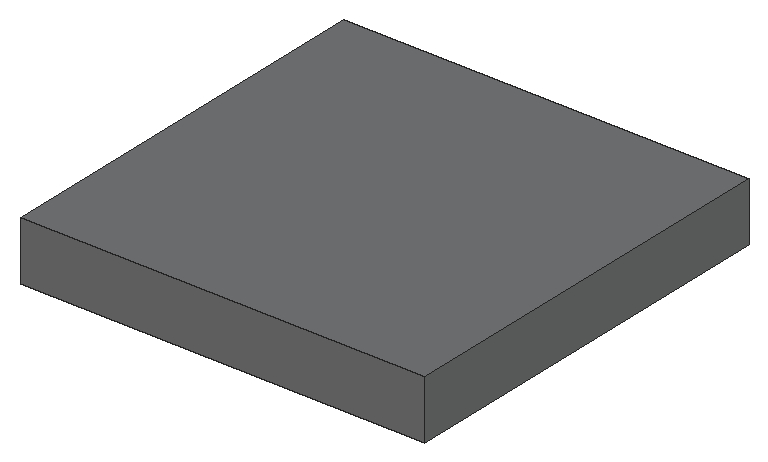
Revit family "Gira_026826", category Electrical Fixtures, host Face, Revit 2017
Family settings
  Host = Face
  Maintain Annotation Orientation = No
  Round Connector Dimension = Use Diameter
  Part Type = Normal
  Cut with Voids When Loaded = No
  Shared = No
  Room Calculation Point = No
Parameters (values of type "Blindabd. Tragring System 55 F Alu")
  Zusammenstellung = "Zentralplatte"
  Werkstoffgüte = "sonstige"
  Werkstoff = "sonstige"
  Verwendung = "Blindabdeckung"
  URL = "http://katalog.gira.de/de_DE/datenblatt.html?artikelnr=026826"
  Transparent = "No"
  Tragring = "Yes"
  Region = "DE"
  Oberfläche = "sonstige"
  Name = "Blindabd. Tragring System 55 F Alu"
  Montageart = "unter Putz"
  Mit Zugentlastung = "No"
  Mit Staubschutz = "No"
  Mit Klappdeckel = "No"
  Mit Aufdruck = "No"
  Manufacturer URL = "https://www.gira.de/"
  Lüsterklemme = "No"
  Keynote = "Sys55_Abdeckung_Schalten und Tasten"
  HeinzeBIM = "https://bimportal.heinze.de/bim/blindabd-tragring-system-55-f-alu/6e67e0e5fabda79c99ac0af3496afae05e0bf908"
  Halogenfrei = "No"
  HAN = "026826"
  Geeignet für Schutzart (IP) = "IP20"
  GTIN = "4010337268260"
  Farbe = "aluminium"
  Default Elevation = 1219.2 mm
  Data sheet (1) = "https://katalog.gira.de/de_DE/download.html?artikelnr=026826"
  Category = "Einsatz/Abdeckung für Kommunikationstechnik"
  Beschriftungsfeld = "ohne Beschriftungsfeld"
  Befestigungsart = "Befestigung mit Schraube"
  Available = "Yes"
  Ausführung der Oberfläche = "nicht zutreffend"
  Anthrazit [instance] = Anthrazit
Reference planes
  plane 1 "Center (Front/Back)": y = 0
  plane 2: z = 0
  plane 3 "Center (Left/Right)": x = 0
Forms (mm)
  Extrusion 1, solid, material "Anthrazit" <- "Anthrazit", detail levels fine
    sketch origin (0, 0, 0) x (1, 0, 0) y (0, 1, 0)
      loop
        line (-27.5, 27.5) -> (-27.5, -27.5) -> (27.5, -27.5) -> (27.5, 27.5) -> (-27.5, 27.5)
    from 0 to 8
  Extrusion 2, void
    sketch origin (0, 0, 0) x (1, 0, 0) y (0, 1, 0)
      loop
        line (26, 26) -> (-26, 26) -> (-26, -26) -> (26, -26) -> (26, 26)
    from 0 to 6
  Extrusion 3, solid, material "Anthrazit" <- "Anthrazit", detail levels medium
    sketch origin (0, 0, 0) x (1, 0, 0) y (0, 1, 0)
      loop
        line (-27.5, 27.5) -> (-27.5, -27.5) -> (27.5, -27.5) -> (27.5, 27.5) -> (-27.5, 27.5)
    from 0 to 8
  Extrusion 4, solid, material "Anthrazit" <- "Anthrazit", detail levels medium
    sketch origin (0, 0, 0) x (1, 0, 0) y (0, 1, 0)
      loop
        line (11, -17.5) -> (11, 17.5) -> (-11, 17.5) -> (-11, -17.5) -> (11, -17.5)
    from -6 to 6
  Extrusion 5, solid, material "Anthrazit" <- "Anthrazit", detail levels fine
    sketch origin (0, 0, 0) x (1, 0, 0) y (0, 1, 0)
      loop
        line (11, 17.5) -> (-11, 17.5) -> (-11, 16.5) -> (11, 16.5) -> (11, 17.5)
      loop
        line (-11, -16.5) -> (-11, -17.5) -> (11, -17.5) -> (11, -16.5) -> (-11, -16.5)
    from -4 to 6
  Extrusion 6, solid, material "Anthrazit" <- "Anthrazit", detail levels fine
    sketch origin (0, 0, 0) x (1, 0, 0) y (0, 1, 0)
      loop
        arc (5, 9.347) -> (0, 10.6) -> (-5, 9.347) r 10.6
        line (-5, 9.347) -> (-5, -9.347)
        arc (-5, -9.347) -> (0, -10.6) -> (5, -9.347) r 10.6
        line (5, -9.347) -> (5, 9.347)
    from -6 to 6
  Extrusion 7, solid, material "Anthrazit" <- "Anthrazit", detail levels coarse
    sketch origin (0, 0, 0) x (1, 0, 0) y (0, 1, 0)
      loop
        line (-27.5, 27.5) -> (-27.5, -27.5) -> (27.5, -27.5) -> (27.5, 27.5) -> (-27.5, 27.5)
    from -6 to 8
Cuts and joins
  Extrusion 2 cuts Extrusion 1
Dimensions and locks
  aligned and locked: plane 2 to host face
  aligned and locked: level to host face
